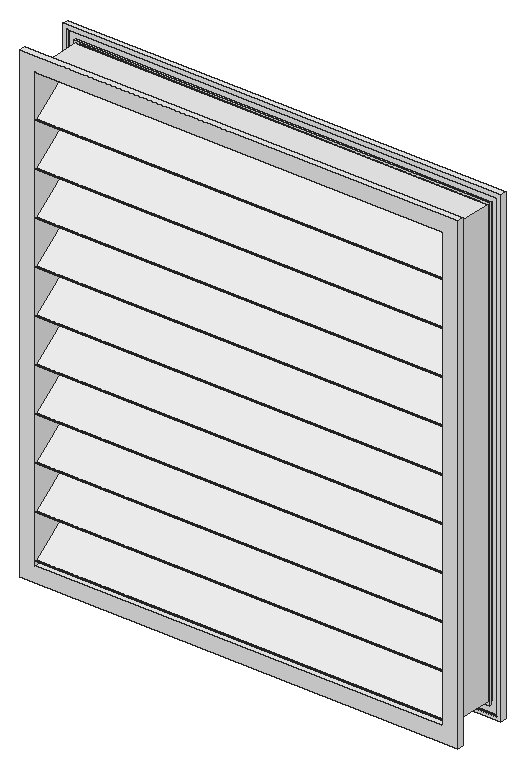
Revit family
Parameters (values of type "OHL-C-124")
  URL = "http://www.productspec.net/products/18506/holyoake-industries-ltd/large-blade-outside-horizontal-louvers-ohl-124.aspx"
  Type Comments = "124mm Horizontal Curved Profile Louvers in Channel Surround"
  Technical Data = "http://www.collate.co.nz/nas/TechnicalFiles/2367/p18505/F1-F2%20OHL102%20124.pdf"
  Ownership = "Holyoake Industries Limited"
  Overall Opening = Exact Neck Height - 50.80 mm  # 769.20 mm
  Overall Depth = 38.30 mm
  Nominal Width = 766.00 mm
  Nominal Height = 826.00 mm
  Model = "OHL-C-124"
  Manufacturer = "Holyoake Industries Limited"
  Keynote = ""
  Channel Width = 25.40 mm
  Channel Thickness = 103.20 mm
  Exact Neck Width = Nominal Width - 6.00 mm  # 760.00 mm
  Exact Neck Height = Nominal Height - 6.00 mm  # 820.00 mm
  Description = "Holyoake Outside Horizontal Louvre"
  Created By = "Productspec Limited"
  Frame & Blades = Aluminium
  Top Blade Height = Overall Opening - Blade Cut Setout  # 83.40 mm
  Connector Width = Exact Neck Width - 74.80 mm  # 685.20 mm
  Connector Height = Exact Neck Height - 74.80 mm  # 745.20 mm
  Blade Width = 97.10 mm
  Blade Pitch = 76.20 mm
  Blade Offset = (Channel Thickness - Blade Width) / 2  # 3.05 mm
  Blade Length = Exact Neck Width - 50.80 mm  # 709.20 mm
  Blade Height = 89.80 mm
  Blade Cut Setout = Blade Count * Blade Pitch  # 685.80 mm
  Blade Count = Blade Array Count - 1  # 9
  Blade Array Count = Overall Opening / Blade Pitch  # 10.0945
  Author = "Zinder Zhao"
  Assembly Code = ""
  Accessories = "Aluminium Bird mesh or insect mesh (fibreglass)"
Reference planes
  plane 1 "Centre": y = 0
  plane 2: z = 25.4
  plane 3 "Center (Left/Right)": x = -20.2
  plane 4 "Overall Opening": z = 794.6
  plane 5: y = 103.2
  plane 6: z = 101.6
  plane 7: x = -403.2
  plane 8: x = 359.8
  plane 9: x = 362.8
  plane 10: x = -400.2
  plane 11: z = 820
  plane 12: z = 823
  plane 13: z = 410
  plane 14: z = 115.2
  plane 15 "Cut Blade Setout": z = 711.2
  plane 16 "Blade Offset": y = 3.05
  plane 17: z = 0
  plane 18: y = 100.15
  plane 19: z = -3
  plane 20: z = 782.6
  plane 21: z = 37.4
  plane 22: x = -362.8
  plane 23: x = 322.4
  plane 24: x = -374.8
  plane 25: x = 334.4
Forms (mm)
  Sweep 1, solid, material "Aluminium" <- "Frame & Blades", detail levels fine
    path origin (0, 0, 0) x (1, 0, 0) y (0, 0, 1)
      loop
        line (334.4, 25.4) -> (334.4, 794.6) -> (-374.8, 794.6) -> (-374.8, 25.4) -> (334.4, 25.4)
    profile "Holyoake_OutsideLouvre_OHL-102_Channel_profile : OHL-102 Channel Profile" origin (334.4, 0, 410) x (-1, 0, 0) y (0, -1, 0)
      loop
        line (12, -103.2) -> (12, -101.6) -> (0, -101.6) -> (0, 0) -> (-25.4, 0) -> (-25.4, -10.6) -> (-18.8, -10.6) -> (-18.8, -7.5) -> (-22.2, -7.5) -> (-22.2, -1.9) -> (-3.2, -1.9) -> (-3.2, -7.5) -> (-6.1, -7.5) -> (-6.1, -10.6) -> (-2.3, -10.6) -> (-2.3, -92.9) -> (-6.1, -92.9) -> (-6.1, -95.7) -> (-3.2, -95.7) -> (-3.2, -101.3) -> (-22.2, -101.3) -> (-22.2, -95.7) -> (-18.8, -95.7) -> (-18.8, -92.9) -> (-25.4, -92.9) -> (-25.4, -103.2) -> (12, -103.2)
  Extrusion 2, solid, material "Aluminium" <- "Frame & Blades", detail levels coarse+medium
    sketch origin (0, 0, 0) x (1, 0, 0) y (0, 1, 0)
      loop
        line (-400.2, 103.2) -> (-400.2, 0) -> (359.8, 0) -> (359.8, 103.2) -> (-400.2, 103.2)
    from 0 to 820
Dimensions and locks
  "Overall Opening": plane 4 "Overall Opening" to plane 2
  equal spacing: group 1, group 2, group 3, group 4, group 5, group 6, group 7, group 8, group 9  (x3)
  "Blade Pitch": plane 6 to plane 2
  "Blade Cut Setout": plane 15 "Cut Blade Setout" to plane 2
  locked: plane 7 to plane 10 at 3
  locked: plane 12 to plane 11 at 3
  equal spacing: plane 10, plane 3 "Center (Left/Right)", plane 8
  "Exact Neck Width": plane 10 to plane 8
  "Nominal Width": plane 7 to plane 9
  "Blade Length": plane 24 to plane 25
  "Channel Thickness": plane 5 to plane 1 "Centre"
  equal spacing: plane 11, plane 13, plane 17
  "Exact Neck Height": plane 11 to plane 17
  "Nominal Height": plane 12 to plane 19
  "Blade Width": plane 18 to plane 16 "Blade Offset"
  "Channel Width": plane 10 to plane 24
  "Channel Width": plane 11 to plane 4 "Overall Opening"
  "Connector Height": plane 21 to plane 20
  "Connector Width": plane 22 to plane 23
  "Blade Offset": plane 16 "Blade Offset" to plane 1 "Centre"
  locked: plane 24 to plane 22 at 12
  locked: plane 4 "Overall Opening" to plane 20 at 12
  "Blade Height": plane 14 to plane 2
  aligned and locked: plane 4 "Overall Opening" to Sweep 1 sketch curve
  aligned and locked: Sweep 1 sketch curve to plane 2
  aligned and locked: Sweep 1 to plane 4 "Overall Opening"
  aligned and locked: plane 2 to Sweep 1
  aligned and locked: Sweep 1 to plane 2  (x2)
  aligned and locked: Sweep 1 to plane 20
  aligned and locked: plane 21 to Sweep 1  (x3)
  aligned and locked: plane 10 to Sweep 1
  aligned and locked: plane 8 to Sweep 1
  aligned and locked: plane 5 to Sweep 1
  aligned and locked: plane 25 to Sweep 1
  aligned and locked: plane 24 to Sweep 1
  aligned and locked: plane 11 to Sweep 1
  aligned and locked: plane 17 to Sweep 1
  aligned and locked: plane 16 "Blade Offset" to nested 3  (x3)
  aligned and locked: plane 20 to Sweep 1  (x3)
  aligned and locked: Sweep 1 sketch curve to plane 24
  aligned and locked: Sweep 1 sketch curve to plane 25
  aligned and locked: Sweep 1 to plane 21
  aligned and locked: plane 22 to Sweep 1
  aligned and locked: plane 23 to Sweep 1
  aligned and locked: Sweep 1 to plane 23
  aligned and locked: nested 1 to plane 16 "Blade Offset"
  aligned and locked: nested 1 to plane 2
  aligned and locked: plane 18 to nested 1
  aligned and locked: nested 2 to plane 6
  aligned and locked: nested 2 to plane 16 "Blade Offset"
  aligned and locked: nested 4 to plane 16 "Blade Offset"
  aligned and locked: plane 18 to nested 2
  aligned and locked: nested 3 to plane 15 "Cut Blade Setout"
  aligned and locked: nested 3 to plane 4 "Overall Opening"
  aligned and locked: plane 14 to nested 1
  aligned and locked: Extrusion 2 sketch curve to Sweep 1  (x3)
  aligned and locked: Sweep 1 to Extrusion 2 sketch curve
  aligned and locked: Extrusion 2 to plane 17
  aligned and locked: plane 11 to Extrusion 2
Nested families
  nested 1: "Holyoake_OutsideLouvre_OHL-124_Blade" at (-20.2, 3.05, 25.4), type "OHL-124 Blade"
    with Length 709.20 mm
  nested 2: "Holyoake_OutsideLouvre_OHL-124_Blade" at (-20.2, 3.05, 101.6), type "OHL-124 Blade"
    with Length 709.20 mm
  nested 3: "Holyoake_OutsideLouvre_OHL-124_BladeCutted" at (-20.2, 3.05, 711.2), type "OHL-124 Blade Cutted"
    with Length 709.20 mm, Blade Cut Setout 83.40 mm
  nested 4: "Holyoake_OutsideLouvre_OHL-124_Blade" at (-20.2, 3.05, 177.8), type "OHL-124 Blade"
    with Length 709.20 mm
  nested 5: "Holyoake_OutsideLouvre_OHL-124_Blade" at (-20.2, 3.05, 254), type "OHL-124 Blade"
    with Length 709.20 mm
  nested 6: "Holyoake_OutsideLouvre_OHL-124_Blade" at (-20.2, 3.05, 330.2), type "OHL-124 Blade"
    with Length 709.20 mm
  nested 7: "Holyoake_OutsideLouvre_OHL-124_Blade" at (-20.2, 3.05, 406.4), type "OHL-124 Blade"
    with Length 709.20 mm
  nested 8: "Holyoake_OutsideLouvre_OHL-124_Blade" at (-20.2, 3.05, 482.6), type "OHL-124 Blade"
    with Length 709.20 mm
  nested 9: "Holyoake_OutsideLouvre_OHL-124_Blade" at (-20.2, 3.05, 558.8), type "OHL-124 Blade"
    with Length 709.20 mm
  nested 10: "Holyoake_OutsideLouvre_OHL-124_Blade" at (-20.2, 3.05, 635), type "OHL-124 Blade"
    with Length 709.20 mm
Connectors
  hvac at (-20.2, 103.2, 410), driven by "Connector Height", driven by "Connector Width"
    settings: on Sweep 1, index 1
Definition of nested family "Holyoake_OutsideLouvre_OHL-124_Blade"
  Parameters (values of type "OHL-124 Blade")
    Width = 97.10 mm
    URL = "http://www.productspec.net/products/18506/holyoake-industries-ltd/large-blade-outside-horizontal-louvers-ohl-124.aspx"
    Type Comments = "Outside Louvre Blade"
    Ownership = "Holyoake Industries Ltd"
    Model = "OHL-124"
    Manufacturer = "Holyoake Industries Ltd"
    Length = 684.20 mm
    Height = 89.80 mm
    Created By = "Productspec Ltd"
    Blade = Aluminium
    Author = "Zinder Zhao"
    Assembly Code = ""
  Reference planes
    plane 1 "Center (Front/Back)": y = 0
    plane 2: z = 0
    plane 3 "Center (Left/Right)": x = 0
    plane 4: x = -342.1
    plane 5: x = 342.1
    plane 6: y = 97.1
    plane 7: z = 89.8
  Forms (mm)
    Sweep 1, solid, material "Aluminium" <- "Blade", detail levels fine
      path origin (0, 0, 0) x (1, 0, 0) y (0, 1, 0)
        loop
          line (-342.1, 0) -> (342.1, 0)
      profile "Holyoake_OutsideLouvre_OHL-124_Blade_profile : OHL-124 Blade Profile" origin (0, 0, 0) x (0, 1, 0) y (0, 0, 1)
        loop
          line (8.511, 0) -> (11.135, 0) -> (1.343, 7.533) -> (97.1, 80.796) -> (97.1, 82.744) -> (87.928, 89.8) -> (85.304, 89.8) -> (95.725, 81.783) -> (0, 8.52) -> (0, 6.547) -> (8.511, 0)
  Dimensions and locks
    "Height": plane 7 to plane 2
    "Width": plane 6 to plane 1 "Center (Front/Back)"
    equal spacing: plane 4, plane 3 "Center (Left/Right)", plane 5
    "Length": plane 4 to plane 5
    aligned and locked: plane 1 "Center (Front/Back)" to Sweep 1 sketch curve
  Automatic sketch dimensions
    Sweep 1 sketch curve to plane 4 = 0.00 mm
    Sweep 1 sketch curve to plane 5 = 0.00 mm
Definition of nested family "Holyoake_OutsideLouvre_OHL-124_BladeCutted"
  Parameters (values of type "OHL-124 Blade Cutted")
    Width = 97.10 mm
    URL = "http://www.productspec.net/products/18506/holyoake-industries-ltd/large-blade-outside-horizontal-louvers-ohl-124.aspx"
    Type Comments = "Outside Louvre Blade Cutted"
    Ownership = "Holyoake Industries Ltd"
    Model = "OHL-124"
    Manufacturer = "Holyoake Industries Ltd"
    Length = 684.20 mm
    Height = 89.80 mm
    Created By = "Productspec Ltd"
    Blade Cut Setout = 63.40 mm
    Blade = Aluminium
    Author = "Zinder Zhao"
    Assembly Code = ""
  Reference planes
    plane 1 "Center (Front/Back)": y = 0
    plane 2: z = 0
    plane 3 "Center (Left/Right)": x = 0
    plane 4 "Left": x = -342.1
    plane 5 "Right": x = 342.1
    plane 6: y = 97.1
    plane 7: z = 89.8
    plane 8: z = 63.4
  Forms (mm)
    Sweep 1, solid, material "Aluminium" <- "Blade", detail levels fine
      path origin (0, 0, 0) x (1, 0, 0) y (0, 1, 0)
        loop
          line (-342.1, 0) -> (342.1, 0)
      profile "Holyoake_OutsideLouvre_OHL-124_Blade_profile : OHL-124 Blade Profile" origin (0, 0, 0) x (0, 1, 0) y (0, 0, 1)
        loop
          line (8.511, 0) -> (11.135, 0) -> (1.343, 7.533) -> (97.1, 80.796) -> (97.1, 82.744) -> (87.928, 89.8) -> (85.304, 89.8) -> (95.725, 81.783) -> (0, 8.52) -> (0, 6.547) -> (8.511, 0)
    Extrusion 2, void
      sketch origin (-342.1, 0, 0) x (0, 1, 0) y (0, 0, 1)
        loop
          line (97.1, 63.4) -> (97.1, 126.485) -> (0, 126.485) -> (0, 63.4) -> (97.1, 63.4)
      from 0 to 684.2
  Cuts and joins
    Extrusion 2 cuts Sweep 1
  Dimensions and locks
    "Height": plane 7 to plane 2
    "Width": plane 6 to plane 1 "Center (Front/Back)"
    equal spacing: plane 4 "Left", plane 3 "Center (Left/Right)", plane 5 "Right"
    "Length": plane 4 "Left" to plane 5 "Right"
    "Blade Cut Setout": plane 8 to plane 2
    aligned and locked: plane 1 "Center (Front/Back)" to Sweep 1 sketch curve
    aligned and locked: plane 6 to Extrusion 2 sketch curve
    aligned and locked: Extrusion 2 sketch curve to plane 1 "Center (Front/Back)"
    aligned and locked: cut or joined group of Sweep 1, Extrusion 2 to plane 8
    aligned and locked: plane 4 "Left" to cut or joined group of Sweep 1, Extrusion 2
    aligned and locked: plane 5 "Right" to cut or joined group of Sweep 1, Extrusion 2
    aligned and locked: plane 5 "Right" to Extrusion 2
    aligned and locked: Extrusion 2 to plane 4 "Left"
  Automatic sketch dimensions
    Sweep 1 sketch curve to plane 4 "Left" = 0.00 mm
    Sweep 1 sketch curve to plane 5 "Right" = 0.00 mm
    Extrusion 2 sketch curve to plane 7 = 26.40 mm
    plane 7 to Extrusion 2 sketch curve = 36.685 mm
